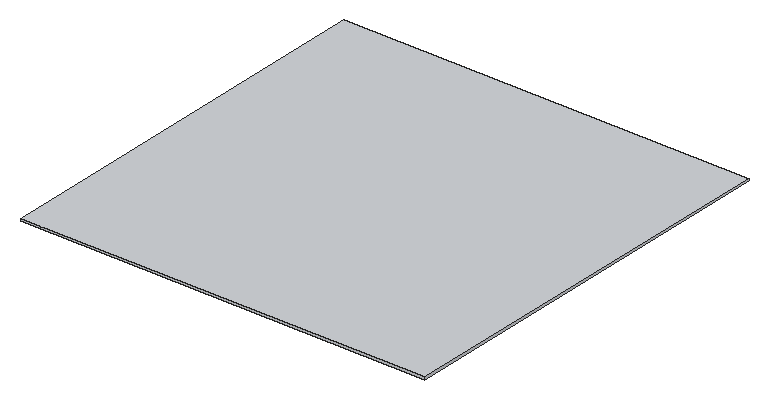
Revit family "sm_square", category Generic Models, host Face, Revit 2024
Family settings
  Host = Face
  Can host rebar = No
  Round Connector Dimension = Use Diameter
  Part Type = Normal
  Cut with Voids When Loaded = No
  Maintain Annotation Orientation = No
  Shared = No
  Room Calculation Point = No
Parameters
  width [instance] = 1' - 0"
  thickness [instance] = 0' - 0 1/16"
  height [instance] = 1' - 0"
  Default Elevation = 4' - 0"
Reference planes (in)
  plane 1 "Center (Front/Back)": y = 0
  plane 2: z = 0
  plane 3 "Center (Left/Right)": x = 0
  plane 4: y = 6
  plane 5: x = 6
  plane 6: y = -6
  plane 7: x = -6
  plane 8: z = 0.0625
Forms (in)
  Extrusion 1, solid
    sketch origin (0, 0, 0) x (1, 0, 0) y (0, 1, 0)
      loop
        line (-6, 6) -> (-6, -6) -> (6, -6) -> (6, 6) -> (-6, 6)
    from 0 to 0.0625 <- "thickness"
Dimensions and locks (in)
  equal spacing: plane 7, plane 3 "Center (Left/Right)", plane 5
  "width": plane 7 to plane 5
  equal spacing: plane 4, plane 1 "Center (Front/Back)", plane 6
  "height": plane 4 to plane 6
  "thickness": plane 8 to host face
  aligned and locked: plane 2 to host face
  aligned and locked: level to host face
  aligned and locked: Extrusion 1 sketch curve to plane 4
  aligned and locked: Extrusion 1 sketch curve to plane 7
  aligned and locked: Extrusion 1 sketch curve to plane 6
  aligned and locked: Extrusion 1 sketch curve to plane 5
Automatic sketch dimensions
  host sketch curve to host sketch curve = 8' - 0"  (x2)
